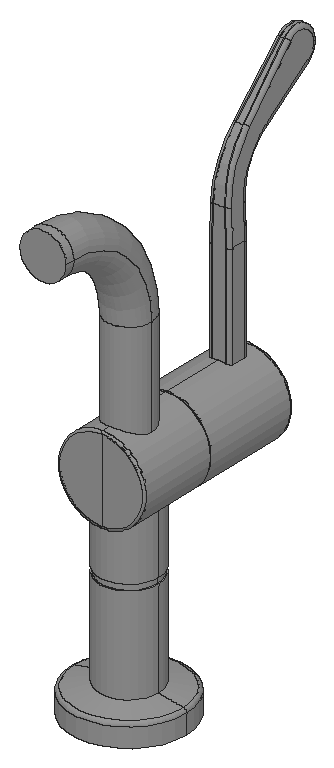
Revit family "Plumbing Fixture_Galvin_CliniLever_Wall_Mixer_CP-BS_TC54FC1C_W", category Plumbing Fixtures, host Face, Revit 2019
Family settings
  Host = Face
  Round Connector Dimension = Use Diameter
  Part Type = Normal
  Cut with Voids When Loaded = No
  Shared = No
  Room Calculation Point = No
Parameters (values of type "Type 1")
  Waste Connection = no
  Vent Connection = no
  Variants = "Ceramic"
  Vandal_Resistant = no
  URL = "http://www.galvinengineering.com.au"
  Thread = "1/2\" BSP F"
  Specify_Host = "Face"
  SKU_Code = "TC54FC1C"
  Product_Type = "Mixer"
  Product_Range = "CliniLever"
  PlumbingMaterial_ANZRS = Brass
  PlumbingFinish = "Chrome"
  Mounting_Surface = "Wall"
  Mounting = "Wall"
  Manufacturer_Phone_No = "1300-514-074"
  Manufacturer_OverallWidth = 0 mm
  Manufacturer_OverallHeight = 0 mm
  Manufacturer_OverallDepth = 0 mm
  Manufacturer = "Galvin Engineering"
  Instructions = "https://www.galvinengineering.com.au/assets/product_documents/installation_instructions/TC54FC1C%20Install.pdf"
  HW Connection = yes
  FlowRate = "6.3"
  FilterObject_ANZRS = ""
  Description = "CLINILEVER CHROME PLATED BRASS HOSPITAL WALL BIB TAP TYPE 54 FIXED 150 C/D"
  Default Elevation = 0 mm
  CategoryStyleOrType_ANZRS = "Plumbing Fixture"
  CW Connection = yes
  Application = "Commercial"
  Anti_Ligature = no
Reference planes
  plane 1 "Center (Front/Back)": y = 0
  plane 2: z = 0
  plane 3 "Center (Left/Right)": x = 0
Dimensions and locks
  aligned and locked: plane 2 to host face
  aligned and locked: level to host face
  aligned and locked: plane 3 "Center (Left/Right)" to nested 1
Nested families
  nested 1: "X_GALVIN_CLINILEVER_WALL_MIXER" at (0, 0, 0), type "Type 1"
Definition of nested family "X_GALVIN_CLINILEVER_WALL_MIXER"
  Parameters (values of type "Type 1")
    Waste Connection = no
    Vent Connection = no
    URL = ""
    SKU_Code = ""
    Manufacturer = ""
    HW Connection = yes
    Default Elevation = 0 mm
    CW Connection = yes
  Reference planes
    plane 1 "Center (Front/Back)": y = 0
    plane 2: z = 0
    plane 3 "Center (Left/Right)": x = 0
    plane 4: z = 260
    plane 5: y = -53
    plane 6: z = 110
    plane 7: y = -151
    plane 8: z = 225
    plane 9: y = 112
  Forms (mm)
    Extrusion 1, solid
      sketch origin (0, 0, 0) x (1, 0, 0) y (0, 1, 0)
        loop
          line (-49.5, 135) -> (-49.5, -50.587) -> (44.766, -50.587) -> (44.766, 135) -> (-49.5, 135)
      from 0 to -66.348
    Revolve 2, solid
      sketch origin (107.5, 0, 0) x (-1, 0, 0) y (0, 0, 1)
        loop
          line (136, 0) -> (136, 9.511)
          arc (136, 9.511) -> (135.554, 10.77) -> (134.416, 11.467) r 2
          line (134.416, 11.467) -> (122.5, 14) -> (122.5, 62) -> (121.7, 62) -> (121.7, 65) -> (122.5, 65) -> (122.5, 110) -> (107.5, 110) -> (107.5, 0) -> (136, 0)
        axis (107.5, 110) -> (107.5, 0)
      angle from 0 to 360
    Revolve 3, solid
      sketch origin (0, 0, 0) x (0, 0, -1) y (0, 1, 0)
        loop
          arc (-88.5, 73) -> (-88.793, 73.707) -> (-89.5, 74) r 1
          line (-89.5, 74) -> (-99.75, 74)
          arc (-99.75, 74) -> (-104.649, 76.271) -> (-110, 77) r 18.143
          line (-110, 77) -> (-110, 74) -> (-110, -17) -> (-89.5, -17)
          arc (-89.5, -17) -> (-88.793, -16.707) -> (-88.5, -16) r 1
          line (-88.5, -16) -> (-88.5, 23) -> (-89.5, 23) -> (-89.5, 24) -> (-88.5, 24) -> (-88.5, 73)
        axis (-110, -17) -> (-110, 77)
      angle from 0 to 360
    Extrusion 4, solid
      sketch origin (0, 3997.552, -1315) x (0, 0, -1) y (0, 1, 0)
        loop
          line (-1514.893, -3942) -> (-1406.25, -3942) -> (-1406.25, -3931) -> (-1514.084, -3931)
          arc (-1514.084, -3931) -> (-1528.629, -3927.239) -> (-1539.526, -3916.898) r 30
          line (-1539.526, -3916.898) -> (-1556.25, -3890.133)
          arc (-1556.25, -3890.133) -> (-1571.208, -3887.848) -> (-1571.972, -3902.959) r 10.197
          line (-1571.972, -3902.959) -> (-1545.686, -3929.245)
          arc (-1545.686, -3929.245) -> (-1531.558, -3938.685) -> (-1514.893, -3942) r 43.547
      from -3.5 to 3.5
    Extrusion 5, void
      sketch origin (-108.125, -2.448, -23.75) x (1, 0, 0) y (0, 0, -1)
        loop
          line (107.352, -287.349) -> (104.25, -194.354) -> (101.167, -194.354) -> (101.167, -298.473) -> (115.083, -298.473) -> (115.083, -194.354) -> (112, -194.354) -> (108.898, -287.349) -> (107.352, -287.349)
      from 46.835 to 118.255
    Sweep 6, solid
      path in 3D
        loop
          line (3.5, 66.552, 91.25) -> (3.5, 66.552, 181.848) -> (2.929, 66.552, 198.955)
          spline (2.929, 66.552, 198.955) -> (2.844, 66.654, 201.523) -> (2.76, 66.964, 204.037) -> (2.678, 67.484, 206.504) -> (2.597, 68.214, 208.928) -> (2.518, 69.149, 211.292) -> (2.442, 70.282, 213.573) -> (2.369, 71.607, 215.749) -> (2.301, 73.107, 217.801) -> (2.237, 74.769, 219.712) -> (2.179, 76.579, 221.468) -> (2.125, 78.539, 223.07) -> (2.077, 80.654, 224.525)
          line (2.077, 80.654, 224.525) -> (1.519, 107.419, 241.25)
          spline (1.519, 107.419, 241.25) -> (1.456, 109.542, 243.122) -> (1.377, 111.071, 245.508) -> (1.286, 111.883, 248.221) -> (1.192, 111.918, 251.053) -> (1.101, 111.172, 253.786) -> (1.02, 109.704, 256.207) -> (0.956, 107.626, 258.132) -> (0.913, 105.1, 259.41) -> (0.895, 102.321, 259.945) -> (0.904, 99.495, 259.692) -> (0.938, 96.854, 258.677) -> (0.994, 94.592, 256.972)
          line (0.994, 94.592, 256.972) -> (1.869, 68.367, 230.746)
          spline (1.869, 68.367, 230.746) -> (1.939, 66.398, 228.649) -> (2.012, 64.586, 226.448) -> (2.089, 62.926, 224.139) -> (2.17, 61.417, 221.72) -> (2.254, 60.067, 219.202) -> (2.341, 58.883, 216.597) -> (2.43, 57.873, 213.92) -> (2.522, 57.042, 211.185) -> (2.614, 56.392, 208.409) -> (2.708, 55.928, 205.604) -> (2.802, 55.648, 202.767) -> (2.898, 55.552, 199.893)
          line (2.898, 55.552, 199.893) -> (3.5, 55.552, 181.848) -> (3.5, 55.552, 91.25)
      profile origin (3.5, 66.552, 136.549) x (0, -1, 0) y (1, 0, 0)
        loop
          line (0, 0) -> (2, 0) -> (2, 2)
          arc (2, 2) -> (0.586, 1.414) -> (0, 0) r 2
    Extrusion 7, void
      sketch origin (-81.25, -2.448, -23.75) x (1, 0, 0) y (0, 0, -1)
        loop
          line (78.475, -287.349) -> (75.374, -194.354) -> (74.292, -194.354) -> (74.292, -298.473) -> (88.208, -298.473) -> (88.208, -194.354) -> (87.126, -194.354) -> (84.025, -287.349) -> (78.475, -287.349)
      from 46.835 to 118.255
    Sweep 8, solid
      path in 3D
        loop
          line (-3.5, 66.552, 91.25) -> (-3.5, 66.552, 181.848) -> (-2.929, 66.552, 198.955)
          spline (-2.929, 66.552, 198.955) -> (-2.844, 66.654, 201.523) -> (-2.76, 66.964, 204.037) -> (-2.678, 67.484, 206.504) -> (-2.597, 68.214, 208.928) -> (-2.518, 69.149, 211.292) -> (-2.442, 70.282, 213.573) -> (-2.369, 71.607, 215.749) -> (-2.301, 73.107, 217.801) -> (-2.237, 74.769, 219.712) -> (-2.179, 76.579, 221.468) -> (-2.125, 78.539, 223.07) -> (-2.077, 80.654, 224.525)
          line (-2.077, 80.654, 224.525) -> (-1.519, 107.419, 241.25)
          spline (-1.519, 107.419, 241.25) -> (-1.456, 109.542, 243.122) -> (-1.377, 111.071, 245.508) -> (-1.286, 111.883, 248.221) -> (-1.192, 111.918, 251.053) -> (-1.101, 111.172, 253.786) -> (-1.02, 109.704, 256.207) -> (-0.956, 107.626, 258.132) -> (-0.913, 105.1, 259.41) -> (-0.895, 102.321, 259.945) -> (-0.904, 99.495, 259.692) -> (-0.938, 96.854, 258.677) -> (-0.994, 94.592, 256.972)
          line (-0.994, 94.592, 256.972) -> (-1.869, 68.367, 230.746)
          spline (-1.869, 68.367, 230.746) -> (-1.939, 66.398, 228.649) -> (-2.012, 64.586, 226.448) -> (-2.089, 62.926, 224.139) -> (-2.17, 61.417, 221.72) -> (-2.254, 60.067, 219.202) -> (-2.341, 58.883, 216.597) -> (-2.43, 57.873, 213.92) -> (-2.522, 57.042, 211.185) -> (-2.614, 56.392, 208.409) -> (-2.708, 55.928, 205.604) -> (-2.802, 55.648, 202.767) -> (-2.898, 55.552, 199.893)
          line (-2.898, 55.552, 199.893) -> (-3.5, 55.552, 181.848) -> (-3.5, 55.552, 91.25)
      profile origin (-3.5, 66.552, 136.549) x (0, -1, 0) y (1, 0, 0)
        loop
          arc (0, 0) -> (0.586, -1.414) -> (2, -2) r 2
          line (2, -2) -> (2, 0) -> (0, 0)
    Extrusion 9, solid
      sketch origin (0, 3997.552, -1315) x (0, 0, -1) y (0, 1, 0)
        loop
          spline (-1514.023, -3933) -> (-1516.752, -3932.89) -> (-1519.432, -3932.56) -> (-1522.066, -3932.005) -> (-1524.653, -3931.227) -> (-1527.174, -3930.23) -> (-1529.605, -3929.021) -> (-1531.925, -3927.609) -> (-1534.114, -3926.008) -> (-1536.153, -3924.236) -> (-1538.027, -3922.303) -> (-1539.736, -3920.213) -> (-1541.283, -3917.964)
          line (-1541.283, -3917.964) -> (-1557.981, -3891.242)
          spline (-1557.981, -3891.242) -> (-1559.501, -3889.518) -> (-1561.405, -3888.305) -> (-1563.59, -3887.647) -> (-1565.868, -3887.618) -> (-1568.064, -3888.219) -> (-1570.011, -3889.398) -> (-1571.557, -3891.069) -> (-1572.586, -3893.097) -> (-1573.015, -3895.333) -> (-1572.807, -3897.61) -> (-1572.001, -3899.72) -> (-1570.62, -3901.55)
          line (-1570.62, -3901.55) -> (-1544.4, -3927.77)
          spline (-1544.4, -3927.77) -> (-1542.396, -3929.651) -> (-1540.296, -3931.381) -> (-1538.094, -3932.964) -> (-1535.786, -3934.403) -> (-1533.383, -3935.692) -> (-1530.898, -3936.822) -> (-1528.343, -3937.785) -> (-1525.734, -3938.578) -> (-1523.086, -3939.198) -> (-1520.41, -3939.641) -> (-1517.702, -3939.908) -> (-1514.956, -3940)
          line (-1514.956, -3940) -> (-1406.25, -3940) -> (-1406.25, -3933) -> (-1514.023, -3933)
      from -5.5 to 5.5
    Sweep 10, solid
      path origin (0, 0, 0) x (0, 1, 0) y (0, 0, 1)
        loop
          line (0, 122.7) -> (0, 176.722)
          arc (0, 176.722) -> (-14.14, 210.86) -> (-48.278, 225) r 48.278
          line (-48.278, 225) -> (-53, 225)
      profile origin (0, 0, 149.711) x (0, -1, 0) y (1, 0, 0)
        loop
          circle (0, 0) r 11.4
  Cuts and joins
    Extrusion 7 cuts Extrusion 9
    Extrusion 5 cuts Extrusion 4
  Lines and regions (mm)
    sketch lines
      curve 1: line (3.5, 66.552, 91.25) -> (3.5, 66.552, 181.848)
      curve 2: line (2.929, 66.552, 198.955) -> (3.5, 66.552, 181.848)
      curve 3: spline (2.929, 66.551, 198.955) -> (2.844, 66.654, 201.523) -> (2.76, 66.964, 204.037) -> (2.678, 67.484, 206.504) -> (2.597, 68.214, 208.928) -> (2.518, 69.149, 211.292) -> (2.442, 70.282, 213.573) -> (2.369, 71.607, 215.749) -> (2.301, 73.107, 217.801) -> (2.237, 74.769, 219.712) -> (2.179, 76.579, 221.468) -> (2.125, 78.539, 223.07) -> (2.077, 80.654, 224.525)
      curve 4: line (1.519, 107.419, 241.25) -> (2.077, 80.654, 224.525)
      curve 5: spline (1.519, 107.419, 241.25) -> (1.456, 109.542, 243.122) -> (1.377, 111.071, 245.508) -> (1.286, 111.883, 248.221) -> (1.192, 111.918, 251.053) -> (1.101, 111.172, 253.786) -> (1.02, 109.704, 256.207) -> (0.956, 107.626, 258.132) -> (0.913, 105.1, 259.41) -> (0.895, 102.321, 259.945) -> (0.904, 99.495, 259.692) -> (0.938, 96.854, 258.677) -> (0.994, 94.592, 256.972)
      curve 6: line (1.869, 68.367, 230.746) -> (0.994, 94.592, 256.972)
      curve 7: spline (1.869, 68.367, 230.746) -> (1.939, 66.398, 228.649) -> (2.012, 64.586, 226.448) -> (2.089, 62.926, 224.139) -> (2.17, 61.417, 221.72) -> (2.254, 60.067, 219.202) -> (2.341, 58.883, 216.597) -> (2.43, 57.873, 213.92) -> (2.522, 57.042, 211.185) -> (2.614, 56.392, 208.409) -> (2.708, 55.928, 205.604) -> (2.802, 55.648, 202.767) -> (2.898, 55.552, 199.893)
      curve 8: line (3.5, 55.552, 181.848) -> (2.898, 55.552, 199.893)
      curve 9: line (3.5, 55.552, 181.848) -> (3.5, 55.552, 91.25)
      curve 10: line (-3.5, 66.552, 91.25) -> (-3.5, 66.552, 181.848)
      curve 11: line (-2.929, 66.552, 198.955) -> (-3.5, 66.552, 181.848)
      curve 12: spline (-2.929, 66.551, 198.955) -> (-2.844, 66.654, 201.523) -> (-2.76, 66.964, 204.037) -> (-2.678, 67.484, 206.504) -> (-2.597, 68.214, 208.928) -> (-2.518, 69.149, 211.292) -> (-2.442, 70.282, 213.573) -> (-2.369, 71.607, 215.749) -> (-2.301, 73.107, 217.801) -> (-2.237, 74.769, 219.712) -> (-2.179, 76.579, 221.468) -> (-2.125, 78.539, 223.07) -> (-2.077, 80.654, 224.525)
      curve 13: line (-1.519, 107.419, 241.25) -> (-2.077, 80.654, 224.525)
      curve 14: spline (-1.519, 107.419, 241.25) -> (-1.456, 109.542, 243.122) -> (-1.377, 111.071, 245.508) -> (-1.286, 111.883, 248.221) -> (-1.192, 111.918, 251.053) -> (-1.101, 111.172, 253.786) -> (-1.02, 109.704, 256.207) -> (-0.956, 107.626, 258.132) -> (-0.913, 105.1, 259.41) -> (-0.895, 102.321, 259.945) -> (-0.904, 99.495, 259.692) -> (-0.938, 96.854, 258.677) -> (-0.994, 94.592, 256.972)
      curve 15: line (-1.869, 68.367, 230.746) -> (-0.994, 94.592, 256.972)
      curve 16: spline (-1.869, 68.367, 230.746) -> (-1.939, 66.398, 228.649) -> (-2.012, 64.586, 226.448) -> (-2.089, 62.926, 224.139) -> (-2.17, 61.417, 221.72) -> (-2.254, 60.067, 219.202) -> (-2.341, 58.883, 216.597) -> (-2.43, 57.873, 213.92) -> (-2.522, 57.042, 211.185) -> (-2.614, 56.392, 208.409) -> (-2.708, 55.928, 205.604) -> (-2.802, 55.648, 202.767) -> (-2.898, 55.552, 199.893)
      curve 17: line (-3.5, 55.552, 181.848) -> (-2.898, 55.552, 199.893)
      curve 18: line (-3.5, 55.552, 181.848) -> (-3.5, 55.552, 91.25)
  Dimensions and locks
    plane 6 to plane 4 = 150 mm
    plane 8 to level = 225 mm
    locked: level to plane 6 at 110
    plane 1 "Center (Front/Back)" to plane 5 = 53 mm
    locked: plane 9 to plane 5 at 165
    aligned and locked: plane 2 to Extrusion 1
    aligned and locked: level to Extrusion 1
